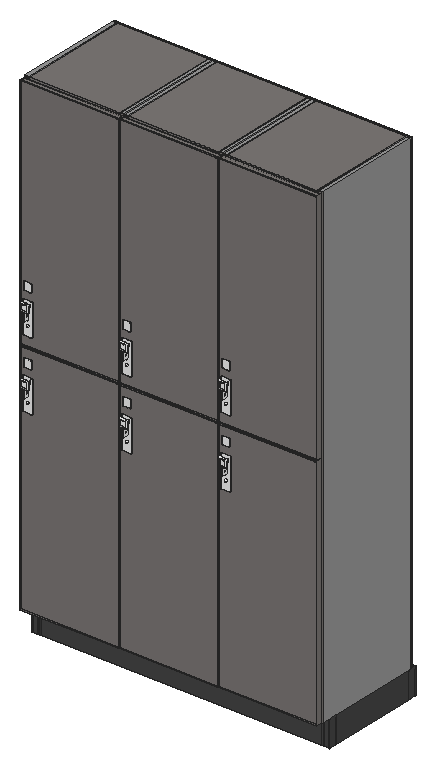
Revit family "Wood_Lockers_Hasps-Salsbury_Industries-15_42000_Series-3_Wide_Units.rfa", category Specialty Equipment, Revit 2016 (continued)
Definition of nested family "Wood Locker Flat Corner Fillers"
  Dimensions and locks (in)
    "Width": plane 5 "Left Side" to plane 4 "Right Side"
    "Depth": plane 6 "Front Side" to plane 7 "Back Side"
    "Height": plane 9 "Top Side" to plane 8 "Bottom"
    locked: plane 9 "Top Side" to plane 10 "Wood - Laminate Line" at 0.031
    locked: plane 6 "Front Side" to plane 12 at 3
    locked: plane 5 "Left Side" to plane 11 at 3
    plane 12 to plane 7 "Back Side" = 13.875"
    aligned and locked: level to plane 2
  Automatic sketch dimensions
    Extrusion 2 sketch curve to plane 5 "Left Side" = 0.000"
    plane 6 "Front Side" to Extrusion 2 sketch curve = 0.000"
    Extrusion 2 sketch curve to plane 11 = 0.000"
    Extrusion 2 sketch curve to plane 4 "Right Side" = 0.000"
    Extrusion 2 sketch curve to plane 12 = 0.000"
    plane 7 "Back Side" to Extrusion 2 sketch curve = 0.000"
    Extrusion 1 sketch curve to plane 5 "Left Side" = 0.000"
    plane 7 "Back Side" to Extrusion 1 sketch curve = 0.000"
    Extrusion 1 sketch curve to plane 12 = 0.000"
    Extrusion 1 sketch curve to plane 4 "Right Side" = 0.000"
    plane 6 "Front Side" to Extrusion 1 sketch curve = 0.000"
    Extrusion 1 sketch curve to plane 11 = 0.000"
Definition of nested family "Wood Locker Side Panels-No Slope"
  Parameters (values of type "44237 - 6' H for 24"D Lockers")
    Width = 23.625"
    Visible = yes
    Version = "1.0 (12/15/23)"
    Type Comments = "Side Panel for Premier Wood Lockers without Sloping Hood"
    Model = "44237"
    Manufacturer = "Salsbury Industries"
    Laminate Surface = none
    Height = 72.000"
    Door Trim = none
    Description = "6' H for 21\" D Lockers"
    Depth = 0.750"
  Types (6): name | Width | Visible | Version | Type Comments | Model | Manufacturer | Description
    (no name) | 23.625" | yes | "1.0 (12/15/23)" | "Side Panel for Premier Wood Lockers without Sloping Hood" | "44237" | "Salsbury Industries" | "6' H for 21\" D Lockers"
    44330 - 6' H for 15"D Lockers | 14.625" | yes | "1.0 (12/15/23)" | "Side Panel for Premier Wood Lockers without Sloping Hood" | "44330" | "Salsbury Industries" | "6' H for 15\" D Lockers"
    44333 - 6' H for 18" D Lockers | 17.625" | yes | "1.0 (12/15/23)" | "Side Panel for Premier Wood Lockers withouth Sloping Hood" | "44333" | "Salsbury Industries" | "6' H for 18\" D Lockers"
    44335 - 6' H for 21" D Lockers | 20.625" | yes | "1.0 (12/15/23)" | "Side Panel for Premier Wood Lockers without Sloping Hood" | "44335" | "Salsbury Industries" | "6' H for 21\" D Lockers"
    None | 14.000" | no | "" | "" | "" | "" | ""
    44237 - 6' H for 24"D Lockers | 23.625" | yes | "1.0 (12/15/23)" | "Side Panel for Premier Wood Lockers without Sloping Hood" | "44237" | "Salsbury Industries" | "6' H for 21\" D Lockers"
  Reference planes (in)
    plane 1 "Center (Front/Back)": y = 0
    plane 2: z = 0
    plane 3 "Center (Left/Right)": x = 0
    plane 4 "Back": y = 0.375
    plane 5 "Front": y = -0.375
    plane 6 "Left Side": x = -11.8125
    plane 7 "Right Side": x = 11.8125
    plane 8 "Bottom": z = 0
    plane 9 "Top": z = 72
    plane 10 "Center Elevation": z = 36
    plane 11 "Wood - Laminate Edge": y = -0.344
    plane 12 "Right Side of Wood": x = 11.7815
    plane 13 "Left Side of Wood": x = -11.7815
    plane 14 "Top of Wood": z = 71.969
    plane 15 "Bottom of Wood": z = 0.031
  Forms (in)
    Extrusion 1, solid, visible <- "Visible"
      sketch origin (0, 0.375, 0) x (1, 0, 0) y (0, 0, 1)
        loop
          line (11.7815, 71.969) -> (-11.7815, 71.969) -> (-11.7815, 0.031) -> (11.7815, 0.031) -> (11.7815, 71.969)
      from 0 to 0.719
    Extrusion 2, solid, material <- "Laminate Surface", visible <- "Visible"
      sketch origin (0, -0.375, 0) x (1, 0, 0) y (0, 0, 1)
        loop
          line (-11.8125, 72) -> (-11.8125, 0) -> (11.8125, 0) -> (11.8125, 72) -> (-11.8125, 72)
      from -0.031 to 0
    Extrusion 3, solid, material <- "Laminate Surface", visible <- "Visible"
      sketch origin (0, 0, 0) x (1, 0, 0) y (0, 0, 1)
        loop
          line (-11.8125, 0) -> (11.8125, 0) -> (11.8125, 72) -> (-11.8125, 72) -> (-11.8125, 0)
        loop
          line (-11.7815, 0.031) -> (11.7815, 0.031) -> (11.7815, 71.969) -> (-11.7815, 71.969) -> (-11.7815, 0.031)
      from -0.375 to 0.344
  Dimensions and locks (in)
    equal spacing: plane 6 "Left Side", plane 3 "Center (Left/Right)", plane 7 "Right Side"
    plane 5 "Front" to plane 1 "Center (Front/Back)" to plane 4 "Back" = 0.375", 0.375"
    "Width": plane 6 "Left Side" to plane 7 "Right Side"
    "Depth": plane 5 "Front" to plane 4 "Back"
    equal spacing: plane 9 "Top", plane 10 "Center Elevation", plane 8 "Bottom"
    "Height": plane 9 "Top" to plane 8 "Bottom"
    locked: plane 5 "Front" to plane 11 "Wood - Laminate Edge" at 0.031
    locked: plane 15 "Bottom of Wood" to plane 8 "Bottom" at 0.031
    locked: plane 12 "Right Side of Wood" to plane 7 "Right Side" at 0.031
    locked: plane 6 "Left Side" to plane 13 "Left Side of Wood" at 0.031
    locked: plane 9 "Top" to plane 14 "Top of Wood" at 0.031
    aligned and locked: level to plane 2
    aligned and locked: Extrusion 2 sketch curve to plane 7 "Right Side"
    aligned and locked: plane 8 "Bottom" to Extrusion 2 sketch curve
    aligned and locked: plane 6 "Left Side" to Extrusion 2 sketch curve
    aligned and locked: plane 9 "Top" to Extrusion 2 sketch curve
    aligned and locked: Extrusion 3 to plane 4 "Back"
    aligned and locked: plane 11 "Wood - Laminate Edge" to Extrusion 3
  Automatic sketch dimensions
    plane 13 "Left Side of Wood" to Extrusion 1 sketch curve = 0.000"
    plane 12 "Right Side of Wood" to Extrusion 1 sketch curve = 0.000"
    Extrusion 1 sketch curve to plane 15 "Bottom of Wood" = 0.000"
    Extrusion 1 sketch curve to plane 14 "Top of Wood" = 0.000"
    plane 13 "Left Side of Wood" to Extrusion 3 sketch curve = 0.000"
    Extrusion 3 sketch curve to level = 0.000"
    plane 13 "Left Side of Wood" to Extrusion 3 sketch curve = 0.031"
    plane 12 "Right Side of Wood" to Extrusion 3 sketch curve = 0.000"
    plane 7 "Right Side" to Extrusion 3 sketch curve = 0.000"
    Extrusion 3 sketch curve to plane 15 "Bottom of Wood" = 0.000"
    Extrusion 3 sketch curve to plane 14 "Top of Wood" = 0.000"
    Extrusion 3 sketch curve to plane 9 "Top" = 0.000"
Definition of nested family "Wood Locker Side Panels-With Slope"
  Parameters (values of type "44238 - 6' H for 24" D Lockers")
    Width = 23.625"
    Visible = yes
    Version = "1.0 (12/15/23)"
    Type Comments = "Side Panel for Premier Wood Lockers with Sloping Hood"
    Slope Height = 8.608"
    Model = "44238"
    Manufacturer = "Salsbury Industries"
    Laminate Surface = none
    Height = 72.153"
    Door Trim = none
    Description = "6' H for 24\" D Lockers"
    Depth = 0.750"
  Types (6): name | Width | Visible | Version | Type Comments | Slope Height | Model | Manufacturer | Height | Description
    (no name) | 23.625" | yes | "1.0 (12/15/23)" | "Side Panel for Premier Wood Lockers with Sloping Hood" | 8.608" | "44238" | "Salsbury Industries" | 72.153" | "6' H for 24\" D Lockers"
    44334 - 6' H  for 18" D Lockers | 17.625" | yes | "1.0 (12/15/23)" | "Side Panel for Premier Wood Lockers with Sloping Hood" | 6.806" | "44334" | "Salsbury Industries" | 72.062" | "6' H for 18\" D Lockers"
    44336 - 6' H for 21" D Lockers | 20.625" | yes | "1.0 (12/15/23)" | "Side Panel for Premier Wood Lockers with Sloping Hood" | 7.931" | "44336" | "Salsbury Industries" | 72.062" | "6' H for 21\" D Lockers"
    None | 14.625" | no | "" | "" | 5.681" | "" | "" | 72.062" | ""
    44339 - 6' H for 15" D Lockers | 14.625" | yes | "1.0 (12/15/23)" | "Side Panel for Premier Wood Lockers with Sloping Hood" | 5.681" | "44339" | "Salsbury Industries" | 72.062" | "6' H for 15\" D Lockers"
    44238 - 6' H for 24" D Lockers | 23.625" | yes | "1.0 (12/15/23)" | "Side Panel for Premier Wood Lockers with Sloping Hood" | 8.608" | "44238" | "Salsbury Industries" | 72.153" | "6' H for 24\" D Lockers"
  Reference planes (in)
    plane 1 "Center (Front/Back)": y = 0
    plane 2: z = 0
    plane 3 "Center (Left/Right)": x = 0
    plane 4 "Back": y = 0.375
    plane 5 "Front": y = -0.375
    plane 6 "Left Side": x = -11.8125
    plane 7 "Right Side": x = 11.8125
    plane 8 "Bottom": z = 0
    plane 9 "Top": z = 72.153
    plane 10 "Center Elevation": z = 36.0765
    plane 11 "Wood - Laminate Edge": y = -0.344
    plane 12 "Right Side of Wood": x = 11.7815
    plane 13 "Left Side of Wood": x = -11.7815
    plane 14 "Top of Wood": z = 72.028
    plane 15 "Bottom of Wood": z = 0.031
    plane 16: z = 80.761
    plane 17: z = 80.636
  Forms (in)
    Extrusion 1, solid, visible <- "Visible"
      sketch origin (0, 0.375, 0) x (1, 0, 0) y (0, 0, 1)
        loop
          line (-11.8125, 80.73) -> (-11.8125, 0) -> (11.7815, 0) -> (11.7815, 72.13387) -> (-11.8125, 80.73)
      from 0 to 0.719
    Extrusion 2, solid, material <- "Laminate Surface", visible <- "Visible"
      sketch origin (0, -0.375, 0) x (1, 0, 0) y (0, 0, 1)
        loop
          line (-11.8125, 0) -> (11.8125, 0) -> (11.8125, 72.153) -> (-11.8125, 80.761) -> (-11.8125, 0)
      from -0.031 to 0
    Extrusion 3, solid, material <- "Laminate Surface", visible <- "Visible"
      sketch origin (0, -0.375, 0) x (1, 0, 0) y (0, 0, 1)
        loop
          line (11.8125, 0) -> (11.8125, 72.153) -> (-11.8125, 80.761) -> (-11.8125, 80.73) -> (11.7815, 72.13387) -> (11.7815, 0) -> (11.8125, 0)
      from -0.031 to -0.75
  Dimensions and locks (in)
    equal spacing: plane 6 "Left Side", plane 3 "Center (Left/Right)", plane 7 "Right Side"
    plane 5 "Front" to plane 1 "Center (Front/Back)" to plane 4 "Back" = 0.375", 0.375"
    "Width": plane 6 "Left Side" to plane 7 "Right Side"
    "Depth": plane 5 "Front" to plane 4 "Back"
    equal spacing: plane 9 "Top", plane 10 "Center Elevation", plane 8 "Bottom"
    "Height": plane 9 "Top" to plane 8 "Bottom"
    locked: plane 5 "Front" to plane 11 "Wood - Laminate Edge" at 0.031
    locked: plane 15 "Bottom of Wood" to plane 8 "Bottom" at 0.031
    locked: plane 12 "Right Side of Wood" to plane 7 "Right Side" at 0.031
    locked: plane 6 "Left Side" to plane 13 "Left Side of Wood" at 0.031
    locked: plane 9 "Top" to plane 14 "Top of Wood" at 0.125
    "Slope Height": plane 16 to plane 9 "Top"
    locked: plane 16 to plane 17 at 0.125
    aligned and locked: level to plane 2
    aligned and locked: Extrusion 3 to plane 4 "Back"
    aligned and locked: plane 11 "Wood - Laminate Edge" to Extrusion 3
  Automatic sketch dimensions
    plane 6 "Left Side" to Extrusion 2 sketch curve = 0.000"
    plane 7 "Right Side" to Extrusion 2 sketch curve = 0.000"
    Extrusion 2 sketch curve to level = 0.000"
    Extrusion 2 sketch curve to plane 9 "Top" = 0.000"
    Extrusion 2 sketch curve to plane 16 = 0.000"
    Extrusion 1 sketch curve to level = 0.000"
    plane 6 "Left Side" to Extrusion 1 sketch curve = 0.000"
    plane 12 "Right Side of Wood" to Extrusion 1 sketch curve = 0.000"
    plane 9 "Top" to Extrusion 1 sketch curve = 0.01913"
    plane 6 "Left Side" to Extrusion 3 sketch curve = 0.000"
    plane 12 "Right Side of Wood" to Extrusion 3 sketch curve = 0.000"
    plane 7 "Right Side" to Extrusion 3 sketch curve = 0.000"
    Extrusion 3 sketch curve to level = 0.000"
    Extrusion 3 sketch curve to plane 9 "Top" = 0.000"
    Extrusion 3 sketch curve to plane 16 = 0.000"
    plane 9 "Top" to Extrusion 3 sketch curve = 0.01913"
    plane 16 to Extrusion 3 sketch curve = 0.031"
    plane 16 to Extrusion 1 sketch curve = 0.031"
Definition of nested family "Wood Locker Double Side Panels-No Slope"
  Parameters (values of type "44237DE - 6' H for 24"D Lockers")
    Width = 47.250"
    Visible = yes
    Version = "1.0 (12/15/23)"
    Type Comments = "Double End Panel for Premier Wood Lockers"
    Model = "44237DE"
    Manufacturer = "Salsbury Industries"
    Laminate Surface = none
    Height = 72.000"
    Door Trim = none
    Description = "For 6' H x 21\" D without Sloping Hood"
    Depth = 0.750"
  Types (6): name | Width | Visible | Version | Type Comments | Model | Manufacturer | Description
    (no name) | 47.250" | yes | "1.0 (12/15/23)" | "Double End Panel for Premier Wood Lockers" | "44237DE" | "Salsbury Industries" | "For 6' H x 21\" D without Sloping Hood"
    44330DE - 6' H for 15"D Lockers | 29.250" | yes | "1.0 (12/15/23)" | "Double End Panel for Premier Wood Lockers" | "44330DE" | "Salsbury Industries" | "For 6' H x 15\" D without Sloping Hood"
    44333DE - 6' H for 18" D Lockers | 35.250" | yes | "1.0 (12/15/23)" | "Double End Panel for Premier Wood Lockers" | "44333DE" | "Salsbury Industries" | "For 6' H x 18\" D without Sloping Hood"
    44335DE - 6' H for 21" D Lockers | 41.250" | yes | "1.0 (12/15/23)" | "Double End Panel for Premier Wood Lockers" | "44335DE" | "Salsbury Industries" | "For 6' H x 21\" D without Sloping Hood"
    None | 14.000" | no | "" | "" | "" | "" | ""
    44237DE - 6' H for 24"D Lockers | 47.250" | yes | "1.0 (12/15/23)" | "Double End Panel for Premier Wood Lockers" | "44237DE" | "Salsbury Industries" | "For 6' H x 21\" D without Sloping Hood"
  Reference planes (in)
    plane 1 "Center (Front/Back)": y = 0
    plane 2: z = 0
    plane 3 "Center (Left/Right)": x = 0
    plane 4 "Back": y = 0.375
    plane 5 "Front": y = -0.375
    plane 6 "Left Side": x = -23.625
    plane 7 "Right Side": x = 23.625
    plane 8 "Bottom": z = 0
    plane 9 "Top": z = 72
    plane 10 "Center Elevation": z = 36
    plane 11 "Wood - Laminate Edge": y = -0.344
    plane 12 "Right Side of Wood": x = 23.594
    plane 13 "Left Side of Wood": x = -23.594
    plane 14 "Top of Wood": z = 71.969
    plane 15 "Bottom of Wood": z = 0.031
  Forms (in)
    Extrusion 1, solid, visible <- "Visible"
      sketch origin (0, 0.375, 0) x (1, 0, 0) y (0, 0, 1)
        loop
          line (23.594, 71.969) -> (-23.594, 71.969) -> (-23.594, 0.031) -> (23.594, 0.031) -> (23.594, 71.969)
      from 0 to 0.719
    Extrusion 2, solid, material <- "Laminate Surface", visible <- "Visible"
      sketch origin (0, -0.375, 0) x (1, 0, 0) y (0, 0, 1)
        loop
          line (-23.625, 72) -> (-23.625, 0) -> (23.625, 0) -> (23.625, 72) -> (-23.625, 72)
      from -0.031 to 0
    Extrusion 3, solid, material <- "Laminate Surface", visible <- "Visible"
      sketch origin (0, 0, 0) x (1, 0, 0) y (0, 0, 1)
        loop
          line (-23.625, 0) -> (23.625, 0) -> (23.625, 72) -> (-23.625, 72) -> (-23.625, 0)
        loop
          line (23.594, 71.969) -> (-23.594, 71.969) -> (-23.594, 0.031) -> (23.594, 0.031) -> (23.594, 71.969)
      from -0.375 to 0.344
  Dimensions and locks (in)
    equal spacing: plane 6 "Left Side", plane 3 "Center (Left/Right)", plane 7 "Right Side"
    plane 5 "Front" to plane 1 "Center (Front/Back)" to plane 4 "Back" = 0.375", 0.375"
    "Width": plane 6 "Left Side" to plane 7 "Right Side"
    "Depth": plane 5 "Front" to plane 4 "Back"
    equal spacing: plane 9 "Top", plane 10 "Center Elevation", plane 8 "Bottom"
    "Height": plane 9 "Top" to plane 8 "Bottom"
    locked: plane 5 "Front" to plane 11 "Wood - Laminate Edge" at 0.031
    locked: plane 15 "Bottom of Wood" to plane 8 "Bottom" at 0.031
    plane 12 "Right Side of Wood" to plane 7 "Right Side" = 0.031"
    locked: plane 6 "Left Side" to plane 13 "Left Side of Wood" at 0.031
    locked: plane 9 "Top" to plane 14 "Top of Wood" at 0.031
    aligned and locked: level to plane 2
    aligned and locked: Extrusion 2 sketch curve to plane 8 "Bottom"
    aligned and locked: plane 6 "Left Side" to Extrusion 2 sketch curve
    aligned and locked: Extrusion 2 sketch curve to plane 7 "Right Side"
    aligned and locked: Extrusion 2 sketch curve to plane 9 "Top"
    aligned and locked: Extrusion 3 to plane 4 "Back"
    aligned and locked: plane 11 "Wood - Laminate Edge" to Extrusion 3
  Automatic sketch dimensions
    plane 13 "Left Side of Wood" to Extrusion 1 sketch curve = 0.000"
    plane 12 "Right Side of Wood" to Extrusion 1 sketch curve = 0.000"
    Extrusion 1 sketch curve to plane 15 "Bottom of Wood" = 0.000"
    Extrusion 1 sketch curve to plane 14 "Top of Wood" = 0.000"
    Extrusion 3 sketch curve to level = 0.000"
    plane 6 "Left Side" to Extrusion 3 sketch curve = 0.000"
    plane 7 "Right Side" to Extrusion 3 sketch curve = 0.000"
    Extrusion 3 sketch curve to plane 9 "Top" = 0.000"
    plane 13 "Left Side of Wood" to Extrusion 3 sketch curve = 0.000"
    Extrusion 3 sketch curve to plane 15 "Bottom of Wood" = 0.000"
    Extrusion 3 sketch curve to plane 14 "Top of Wood" = 0.000"
    plane 12 "Right Side of Wood" to Extrusion 3 sketch curve = 0.000"
Definition of nested family "Wood Locker Double Side Panels-With Slope"
  Parameters (values of type "44238DE - 6' H for 24"D Lockers")
    Width = 47.250"
    Visible = yes
    Version = "1.0 (12/15/23)"
    Type Comments = "Double End Panel for Premier Wood Lockers"
    Slope Height = 8.895"
    Model = "442386DE"
    Manufacturer = "Salsbury Industries"
    Laminate Surface = none
    Height = 72.153"
    Door Trim = none
    Description = "For 6' H x 21\" D Lockers with Sloping Hood"
    Depth = 0.750"
  Types (6): name | Width | Visible | Version | Type Comments | Slope Height | Model | Manufacturer | Height | Description
    (no name) | 47.250" | yes | "1.0 (12/15/23)" | "Double End Panel for Premier Wood Lockers" | 8.895" | "442386DE" | "Salsbury Industries" | 72.153" | "For 6' H x 21\" D Lockers with Sloping Hood"
    44339DE - 6' H for 15"D Lockers | 29.250" | yes | "1.0 (12/15/23)" | "Double End Panel for Premier Wood Lockers" | 5.681" | "44339DE" | "Salsbury Industries" | 72.062" | "For 6' H x 15\" D Lockers with Sloping Hood"
    44334DE - 6' H  for 18" D Lockers | 35.250" | yes | "1.0 (12/15/23)" | "Double End Panel for Premier Wood Lockers" | 6.806" | "44334DE" | "Salsbury Industries" | 72.062" | "For 6' H x 18\" D Lockers with Sloping Hood"
    44336DE - 6' H for 21" D Lockers | 41.250" | yes | "1.0 (12/15/23)" | "Double End Panel for Premier Wood Lockers" | 7.931" | "44336DE" | "Salsbury Industries" | 72.062" | "For 6' H x 21\" D Lockers with Sloping Hood"
    None | 14.000" | no | "" | "" | 5.500" | "" | "" | 72.000" | ""
    44238DE - 6' H for 24"D Lockers | 47.250" | yes | "1.0 (12/15/23)" | "Double End Panel for Premier Wood Lockers" | 8.895" | "442386DE" | "Salsbury Industries" | 72.153" | "For 6' H x 21\" D Lockers with Sloping Hood"
  Reference planes (in)
    plane 1 "Center (Front/Back)": y = 0
    plane 2: z = 0
    plane 3 "Center (Left/Right)": x = 0
    plane 4 "Back": y = 0.375
    plane 5 "Front": y = -0.375
    plane 6 "Left Side": x = -23.625
    plane 7 "Right Side": x = 23.625
    plane 8 "Bottom": z = 0
    plane 9 "Top": z = 72.153
    plane 10 "Center Elevation": z = 36.0765
    plane 11 "Wood - Laminate Edge": y = -0.344
    plane 12 "Right Side of Wood": x = 23.594
    plane 13 "Left Side of Wood": x = -23.594
    plane 14 "Top of Wood": z = 72.028
    plane 15 "Bottom of Wood": z = 0.125
    plane 16: z = 81.048
    plane 17: z = 81.017
  Forms (in)
    Extrusion 1, solid, visible <- "Visible"
      sketch origin (0, 0.375, 0) x (1, 0, 0) y (0, 0, 1)
        loop
          line (23.594, 72.122) -> (0, 81.017) -> (-23.594, 72.122) -> (-23.594, 0) -> (23.594, 0) -> (23.594, 72.122)
      from 0 to 0.719
    Extrusion 2, solid, material <- "Laminate Surface", visible <- "Visible"
      sketch origin (0, -0.375, 0) x (1, 0, 0) y (0, 0, 1)
        loop
          line (23.625, 0) -> (23.625, 72.153) -> (0, 81.048) -> (-23.625, 72.153) -> (-23.625, 0) -> (23.625, 0)
      from -0.031 to 0
    Extrusion 3, solid, material <- "Laminate Surface", visible <- "Visible"
      sketch origin (0, 0.375, 0) x (1, 0, 0) y (0, 0, 1)
        loop
          line (23.625, 0) -> (23.625, 72.153) -> (0, 81.048) -> (-23.625, 72.153) -> (-23.625, 0) -> (-23.594, 0) -> (-23.594, 72.122) -> (0, 81.017) -> (23.594, 72.122) -> (23.594, 0) -> (23.625, 0)
      from 0 to 0.719
  Dimensions and locks (in)
    equal spacing: plane 6 "Left Side", plane 3 "Center (Left/Right)", plane 7 "Right Side"
    plane 5 "Front" to plane 1 "Center (Front/Back)" to plane 4 "Back" = 0.375", 0.375"
    "Width": plane 6 "Left Side" to plane 7 "Right Side"
    "Depth": plane 5 "Front" to plane 4 "Back"
    equal spacing: plane 9 "Top", plane 10 "Center Elevation", plane 8 "Bottom"
    "Height": plane 9 "Top" to plane 8 "Bottom"
    locked: plane 5 "Front" to plane 11 "Wood - Laminate Edge" at 0.031
    locked: plane 15 "Bottom of Wood" to plane 8 "Bottom" at 0.125
    locked: plane 12 "Right Side of Wood" to plane 7 "Right Side" at 0.031
    locked: plane 6 "Left Side" to plane 13 "Left Side of Wood" at 0.031
    locked: plane 9 "Top" to plane 14 "Top of Wood" at 0.125
    "Slope Height": plane 16 to plane 9 "Top"
    locked: plane 16 to plane 17 at 0.031
    aligned and locked: level to plane 2
    aligned and locked: Extrusion 3 to plane 4 "Back"
    aligned and locked: plane 11 "Wood - Laminate Edge" to Extrusion 3
  Automatic sketch dimensions
    plane 6 "Left Side" to Extrusion 2 sketch curve = 0.000"
    Extrusion 2 sketch curve to plane 3 "Center (Left/Right)" = 0.000"
    plane 7 "Right Side" to Extrusion 2 sketch curve = 0.000"
    Extrusion 2 sketch curve to level = 0.000"
    Extrusion 2 sketch curve to plane 9 "Top" = 0.000"  (x2)
    Extrusion 2 sketch curve to plane 16 = 0.000"
    Extrusion 1 sketch curve to level = 0.000"
    plane 13 "Left Side of Wood" to Extrusion 1 sketch curve = 0.000"
    Extrusion 1 sketch curve to plane 3 "Center (Left/Right)" = 0.000"
    plane 12 "Right Side of Wood" to Extrusion 1 sketch curve = 0.000"
    Extrusion 1 sketch curve to plane 17 = 0.000"
    plane 9 "Top" to Extrusion 1 sketch curve = 0.031"  (x2)
    Extrusion 3 sketch curve to level = 0.000"  (x2)
    plane 6 "Left Side" to Extrusion 3 sketch curve = 0.000"
    plane 13 "Left Side of Wood" to Extrusion 3 sketch curve = 0.000"
    Extrusion 3 sketch curve to plane 3 "Center (Left/Right)" = 0.000"  (x2)
    plane 12 "Right Side of Wood" to Extrusion 3 sketch curve = 0.000"
    plane 7 "Right Side" to Extrusion 3 sketch curve = 0.000"
    Extrusion 3 sketch curve to plane 9 "Top" = 0.000"  (x2)
    plane 9 "Top" to Extrusion 3 sketch curve = 0.031"  (x2)
    Extrusion 3 sketch curve to plane 17 = 0.000"
    Extrusion 3 sketch curve to plane 16 = 0.000"
Definition of nested family "Wood Locker Front Fillers"
  Parameters (values of type "44467 - 15" W for 6'H Lockers without Base")
    Width = 15.000"
    Visible Base = no
    Visible = yes
    Version = "1.0 (12/15/23)"
    Type Comments = "Front Vertical Filler for Premier Wood Lockers"
    Model = "44467"
    Manufacturer = "Salsbury Industries"
    Laminate Surface = none
    Height = 72.000"
    Description = "For 6' H Lockers"
    Depth = 0.750"
    Base Material = none
    Base Height = 0.000"
  Types (3): name | Width | Visible | Version | Type Comments | Model | Manufacturer | Description | Base Height
    None | 15.000" | no | "" | "" | "" | "" | "" | 4.000"
    44467 - 15" W for 6'H Lockers without Base | 15.000" | yes | "1.0 (12/15/23)" | "Front Vertical Filler for Premier Wood Lockers" | "44467" | "Salsbury Industries" | "For 6' H Lockers" | 0.000"
    44469 - 9" W for 6' H Lockers without Base | 9.000" | yes | "1.0 (12/15/23)" | "Front Vertical Filler for Premier Wood Lockers" | "44469" | "Salsbury Industries" | "For 6' H Lockers" | 0.000"
  Reference planes (in)
    plane 1 "Center (Front/Back)": y = 0
    plane 2: z = 0
    plane 3 "Center (Left/Right)": x = 0
    plane 4 "Back": y = 0.375
    plane 5 "Front": y = -0.375
    plane 6 "Left Side": x = -7.5
    plane 7 "Right Side": x = 7.5
    plane 8 "Bottom": z = 0
    plane 9 "Top": z = 72
    plane 10 "Center Elevation": z = 36
    plane 11 "Wood - Laminate Edge": y = -0.344
    plane 12 "Right Side of Wood": x = 7.375
    plane 13 "Left Side of Wood": x = -7.375
    plane 14 "Top of Wood": z = 71.875
    plane 15 "Bottom of Wood": z = 0.125
    plane 16 "Front of Base Filler": y = 1
  Forms (in)
    Extrusion 1, solid, visible <- "Visible"
      sketch origin (0, 0.375, 0) x (1, 0, 0) y (0, 0, 1)
        loop
          line (7.5, 72) -> (-7.5, 72) -> (-7.5, 0) -> (7.5, 0) -> (7.5, 72)
      from 0 to 0.719
    Extrusion 2, solid, material <- "Laminate Surface", visible <- "Visible"
      sketch origin (0, -0.375, 0) x (1, 0, 0) y (0, 0, 1)
        loop
          line (-7.5, 72) -> (-7.5, 0) -> (7.5, 0) -> (7.5, 72) -> (-7.5, 72)
      from -0.031 to 0
    Extrusion 3, solid, material <- "Base Material", visible <- "Visible Base"
      sketch origin (0, 0, 0) x (1, 0, 0) y (0, 1, 0)
        loop
          line (-7.5, 1.75) -> (-7.5, 0.375) -> (7.5, 0.375) -> (7.5, 1.75) -> (-7.5, 1.75)
      from 0 to 0.75
    Extrusion 4, solid, material <- "Base Material", visible <- "Visible Base"
      sketch origin (0, 0, 0) x (1, 0, 0) y (0, 1, 0)
        loop
          line (-7.5, 1.75) -> (-7.5, 1) -> (7.5, 1) -> (7.5, 1.75) -> (-7.5, 1.75)
      from 0 to -4
  Dimensions and locks (in)
    equal spacing: plane 6 "Left Side", plane 3 "Center (Left/Right)", plane 7 "Right Side"
    plane 5 "Front" to plane 1 "Center (Front/Back)" to plane 4 "Back" = 0.375", 0.375"
    "Width": plane 6 "Left Side" to plane 7 "Right Side"
    "Depth": plane 5 "Front" to plane 4 "Back"
    equal spacing: plane 9 "Top", plane 10 "Center Elevation", plane 8 "Bottom"
    locked: plane 5 "Front" to plane 11 "Wood - Laminate Edge" at 0.031
    locked: plane 15 "Bottom of Wood" to plane 8 "Bottom" at 0.125
    locked: plane 12 "Right Side of Wood" to plane 7 "Right Side" at 0.125
    locked: plane 6 "Left Side" to plane 13 "Left Side of Wood" at 0.125
    locked: plane 9 "Top" to plane 14 "Top of Wood" at 0.125
    locked: plane 5 "Front" to plane 16 "Front of Base Filler" at 1.375
    "Base Height": plane 8 "Bottom" to plane 2
    "Height": plane 9 "Top" to plane 8 "Bottom"
    aligned and locked: level to plane 2
    aligned and locked: plane 8 "Bottom" to Extrusion 1
  Automatic sketch dimensions
    plane 6 "Left Side" to Extrusion 1 sketch curve = 0.000"
    plane 7 "Right Side" to Extrusion 1 sketch curve = 0.000"
    level to Extrusion 1 sketch curve = 0.000"
    Extrusion 1 sketch curve to plane 9 "Top" = 0.000"
    plane 6 "Left Side" to Extrusion 2 sketch curve = 0.000"
    plane 7 "Right Side" to Extrusion 2 sketch curve = 0.000"
    plane 15 "Bottom of Wood" to Extrusion 2 sketch curve = 0.125"
    Extrusion 2 sketch curve to plane 9 "Top" = 0.000"
    plane 4 "Back" to Extrusion 3 sketch curve = 0.000"
    Extrusion 3 sketch curve to plane 6 "Left Side" = 0.000"
    Extrusion 3 sketch curve to plane 7 "Right Side" = 0.000"
    Extrusion 3 sketch curve to plane 16 "Front of Base Filler" = 0.750"
    Extrusion 4 sketch curve to plane 6 "Left Side" = 0.000"
    Extrusion 4 sketch curve to plane 7 "Right Side" = 0.000"
    plane 16 "Front of Base Filler" to Extrusion 4 sketch curve = 0.000"
    Extrusion 4 sketch curve to plane 16 "Front of Base Filler" = 0.750"
Definition of nested family "Wood Locker Front Corner Filler"
  Parameters (values of type "44464 - for 6' H Lockers with Base")
    Width = 2.250"
    Visible Base = yes
    Visible = yes
    Version = "1.0 (12/15/23)"
    Type Comments = "Front Vertical Corner Filler for Designer Wood Lockers"
    Primary Structure Materials = none
    Model = "44464"
    Manufacturer = "Salsbury Industries"
    Laminate Surface = none
    Height = 72.000"
    Description = "For 6' H Lockers"
    Depth = 0.750"
    Base Primary Materials = none
    Base Height = 4.000"
  Types (3): name | Visible Base | Visible | Version | Type Comments | Model | Manufacturer | Description | Base Height
    None | no | no | "" | "" | "" | "" | "" | 4.000"
    44464 - for 6'H Lockers without Base | no | yes | "1.0 (12/15/23)" | "Front Vertical Corner Filler for Designer Wood Lockers" | "44464" | "Salsbury Industries" | "For 6' H Lockers" | 0.000"
    44464 - for 6' H Lockers with Base | yes | yes | "1.0 (12/15/23)" | "Front Vertical Corner Filler for Designer Wood Lockers" | "44464" | "Salsbury Industries" | "For 6' H Lockers" | 4.000"
  Reference planes (in)
    plane 1 "Center (Front/Back)": y = 0
    plane 2 "Bottom of Base": z = 0
    plane 3 "Center (Left/Right)": x = 0
    plane 4 "Back": y = 0.375
    plane 5 "Front": y = -0.375
    plane 6 "Left Side": x = -1.125
    plane 7 "Right Side": x = 1.125
    plane 8 "Bottom": z = 4
    plane 9 "Top": z = 76
    plane 10 "Center Elevation": z = 40
    plane 11 "Wood - Laminate Edge": y = -0.344
    plane 12 "Right Side of Wood": x = 1
    plane 13 "Left Side of Wood": x = -1
    plane 14 "Top of Wood": z = 75.875
    plane 15 "Bottom of Wood": z = 4.125
    plane 16 "Front of Base Filler": y = 1
  Forms (in)
    Extrusion 1, solid, material <- "Primary Structure Materials", visible <- "Visible"
      sketch origin (0, 0.375, 0) x (1, 0, 0) y (0, 0, 1)
        loop
          line (1.125, 76) -> (-1.156, 76) -> (-1.156, 4) -> (1.125, 4) -> (1.125, 76)
      from 0 to 0.719
    Extrusion 2, solid, material <- "Laminate Surface", visible <- "Visible"
      sketch origin (0, -0.375, 0) x (1, 0, 0) y (0, 0, 1)
        loop
          line (-1.125, 76) -> (-1.125, 4) -> (1.125, 4) -> (1.125, 76) -> (-1.125, 76)
      from -0.031 to 0
    Extrusion 3, solid, material <- "Primary Structure Materials", visible <- "Visible"
      sketch origin (-1.875, -1.5, 0) x (0, 1, 0) y (0, 0, 1)
        loop
          line (1.875, 76) -> (-1.125, 76) -> (-1.125, 4) -> (1.875, 4) -> (1.875, 76)
      from 0 to 0.719
    Extrusion 4, solid, material <- "Laminate Surface", visible <- "Visible"
      sketch origin (-1.125, -1.5, 0) x (0, 1, 0) y (0, 0, 1)
        loop
          line (-1.125, 76) -> (-1.125, 4) -> (1.156, 4) -> (1.156, 76) -> (-1.125, 76)
      from -0.031 to 0
    Extrusion 5, solid, material <- "Base Primary Materials", visible <- "Visible Base"
      sketch origin (0, 0, 0) x (1, 0, 0) y (0, 1, 0)
        loop
          line (-3.25, 1.75) -> (-3.25, -2.625) -> (-1.875, -2.625) -> (-1.875, 1.75) -> (-3.25, 1.75)
      from 4 to 4.75
    Extrusion 6, solid, material <- "Base Primary Materials", visible <- "Visible Base"
      sketch origin (0, 0, 0) x (1, 0, 0) y (0, 1, 0)
        loop
          line (-1.875, 1.75) -> (-1.875, 0.375) -> (1.125, 0.375) -> (1.125, 1.75) -> (-1.875, 1.75)
      from 4 to 4.75
    Extrusion 7, solid, material <- "Base Primary Materials", visible <- "Visible Base"
      sketch origin (0, 0, 0) x (1, 0, 0) y (0, 1, 0)
        loop
          line (1.125, 1.75) -> (-2.43407, 1.75) -> (-2.43407, 1) -> (1.125, 1) -> (1.125, 1.75)
      from 0 to 4
    Extrusion 8, solid, material <- "Base Primary Materials", visible <- "Visible Base"
      sketch origin (0, 0, 0) x (1, 0, 0) y (0, 1, 0)
        loop
          line (-3.25, 1.75) -> (-3.25, -2.625) -> (-2.43407, -2.625) -> (-2.43407, 1.75) -> (-3.25, 1.75)
      from 0 to 4
  Dimensions and locks (in)
    equal spacing: plane 6 "Left Side", plane 3 "Center (Left/Right)", plane 7 "Right Side"
    plane 5 "Front" to plane 1 "Center (Front/Back)" to plane 4 "Back" = 0.375", 0.375"
    "Width": plane 6 "Left Side" to plane 7 "Right Side"
    "Depth": plane 5 "Front" to plane 4 "Back"
    equal spacing: plane 9 "Top", plane 10 "Center Elevation", plane 8 "Bottom"
    "Height": plane 9 "Top" to plane 8 "Bottom"
    locked: plane 5 "Front" to plane 11 "Wood - Laminate Edge" at 0.031
    locked: plane 15 "Bottom of Wood" to plane 8 "Bottom" at 0.125
    locked: plane 12 "Right Side of Wood" to plane 7 "Right Side" at 0.125
    locked: plane 6 "Left Side" to plane 13 "Left Side of Wood" at 0.125
    locked: plane 9 "Top" to plane 14 "Top of Wood" at 0.125
    locked: plane 5 "Front" to plane 16 "Front of Base Filler" at 1.375
    "Base Height": plane 8 "Bottom" to plane 2 "Bottom of Base"
    aligned and locked: level to plane 2 "Bottom of Base"
    aligned and locked: plane 8 "Bottom" to Extrusion 1
    aligned and locked: Extrusion 7 to Extrusion 5
    aligned and locked: Extrusion 8 to Extrusion 5
    aligned and locked: Extrusion 7 to Extrusion 8
  Automatic sketch dimensions
    Extrusion 1 sketch curve to plane 9 "Top" = 0.000"
    Extrusion 1 sketch curve to plane 8 "Bottom" = 0.000"
    plane 7 "Right Side" to Extrusion 1 sketch curve = 0.000"
    plane 6 "Left Side" to Extrusion 1 sketch curve = 0.031"
    plane 6 "Left Side" to Extrusion 2 sketch curve = 0.000"
    plane 7 "Right Side" to Extrusion 2 sketch curve = 0.000"
    Extrusion 2 sketch curve to plane 8 "Bottom" = 0.000"
    Extrusion 2 sketch curve to plane 9 "Top" = 0.000"
    plane 9 "Top" to Extrusion 3 sketch curve = 0.000"
    plane 8 "Bottom" to Extrusion 3 sketch curve = 0.000"
    Extrusion 3 sketch curve to plane 4 "Back" = 0.000"
    plane 5 "Front" to Extrusion 3 sketch curve = 2.250"
    plane 8 "Bottom" to Extrusion 4 sketch curve = 0.000"
    plane 9 "Top" to Extrusion 4 sketch curve = 0.000"
    Extrusion 4 sketch curve to plane 11 "Wood - Laminate Edge" = 0.000"
    plane 5 "Front" to Extrusion 4 sketch curve = 2.250"
    plane 6 "Left Side" to Extrusion 5 sketch curve = 2.125"
    plane 6 "Left Side" to Extrusion 5 sketch curve = 0.750"
    plane 5 "Front" to Extrusion 5 sketch curve = 2.250"
    Extrusion 5 sketch curve to plane 16 "Front of Base Filler" = 0.750"
    plane 16 "Front of Base Filler" to Extrusion 7 sketch curve = 0.000"
    Extrusion 7 sketch curve to plane 7 "Right Side" = 0.000"
    plane 6 "Left Side" to Extrusion 7 sketch curve = 1.30907"
    Extrusion 7 sketch curve to plane 16 "Front of Base Filler" = 0.750"
    plane 6 "Left Side" to Extrusion 8 sketch curve = 2.125"
    Extrusion 8 sketch curve to Extrusion 8 sketch curve = 0.81593"
    plane 5 "Front" to Extrusion 8 sketch curve = 2.250"
    Extrusion 8 sketch curve to plane 16 "Front of Base Filler" = 0.750"
    plane 4 "Back" to Extrusion 6 sketch curve = 0.000"
    Extrusion 6 sketch curve to plane 7 "Right Side" = 0.000"
    plane 6 "Left Side" to Extrusion 6 sketch curve = 0.750"
    Extrusion 6 sketch curve to plane 16 "Front of Base Filler" = 0.750"
Definition of nested family "Wood Locker Sloping In-Line Fillers"
  Parameters (values of type "44489 - 15" W for 24" D Lockers")
    Width = 15.000"
    Visible = yes
    Version = "1.0 (12/15/23)"
    Type Comments = "Sloping Hood In-Line Filler for Premier Wood Lockers"
    Model = "44489"
    Manufacturer = "Salsbury Industries"
    Laminate Surface = none
    Height = 9.118"
    Description = "For 24\" D Lockers"
    Depth = 23.625"
  Types (10): name | Width | Visible | Version | Type Comments | Model | Manufacturer | Height | Description | Depth
    (no name) | 15.000" | yes | "1.0 (12/15/23)" | "Sloping Hood In-Line Filler for Premier Wood Lockers" | "44489" | "Salsbury Industries" | 9.118" | "For 24\" D Lockers" | 23.625"
    44487 - 15" W for 15" D Lockers | 15.000" | yes | "1.0 (12/15/23)" | "Sloping Hood In-Line Filler for Premier Wood Lockers" | "44487" | "Salsbury Industries" | 5.743" | "For 15\" D Lockers" | 14.625"
    44488 - 15" W for 18" D Lockers | 15.000" | yes | "1.0 (12/15/23)" | "Sloping Hood In-Line Filler for Premier Wood Lockers" | "44488" | "Salsbury Industries" | 6.868" | "For 18\" D Lockers" | 17.625"
    44481 - 15" W for 21" D Lockers | 15.000" | yes | "1.0 (12/15/23)" | "Sloping Hood In-Line Filler for Premier Wood Lockers" | "44481" | "Salsbury Industries" | 7.993" | "For 21\" D Lockers" | 20.625"
    None | 12.000" | no | "" | "" | "" | "" | 5.500" | "" | 14.000"
    44489 - 15" W for 24" D Lockers | 15.000" | yes | "1.0 (12/15/23)" | "Sloping Hood In-Line Filler for Premier Wood Lockers" | "44489" | "Salsbury Industries" | 9.118" | "For 24\" D Lockers" | 23.625"
    44488 - 9" W for 18" D Lockers | 9.000" | yes | "1.0 (12/15/23)" | "Sloping Hood In-Line Filler for Premier Wood Lockers" | "44488" | "Salsbury Industries" | 6.868" | "For 18\" D Lockers" | 17.625"
    44487 - 9" W for 15" D Lockers | 9.000" | yes | "1.0 (12/15/23)" | "Sloping Hood In-Line Filler for Premier Wood Lockers" | "44487" | "Salsbury Industries" | 5.743" | "For 15\" D Lockers" | 14.625"
    44481 - 9" W for 21" D Lockers | 9.000" | yes | "1.0 (12/15/23)" | "Sloping Hood In-Line Filler for Premier Wood Lockers" | "44481" | "Salsbury Industries" | 7.993" | "For 21\" D Lockers" | 20.625"
    44489 - 9" W for 24" D Lockers | 9.000" | yes | "1.0 (12/15/23)" | "Sloping Hood In-Line Filler for Premier Wood Lockers" | "44489" | "Salsbury Industries" | 9.118" | "For 24\" D Lockers" | 23.625"
  Reference planes (in)
    plane 1 "Center (Front/Back)": y = 0
    plane 2: z = 0
    plane 3 "Center (Left/Right)": x = 0
    plane 4 "Front of Hood": y = -11.8125
    plane 5 "Back of Hood": y = 11.8125
    plane 6 "Right Side of Hood": x = 7.5
    plane 7 "Left Side of Hood": x = -7.5
    plane 8 "Bottom of Hood": z = 0
    plane 9 "Top of Hood": z = 9.118
    plane 10: x = 6.75
    plane 11: x = -6.75
    plane 12: y = -11.7815
    plane 13: y = -11.0625
    plane 14: z = 9.087
    plane 15: z = 8.368
    plane 16: z = 0.062
    plane 17: z = 0.75
  Forms (in)
    Extrusion 1, solid, visible <- "Visible"
      sketch origin (0, 0, 0) x (0, 1, 0) y (0, 0, 1)
        loop
          line (-9.97273, 0) -> (11.8125, 8.368) -> (11.8125, 9.087) -> (-11.73269, 0.062) -> (-11.7815, 0.062) -> (-11.7815, 0) -> (-9.97273, 0)
      from -7.5 to 7.5
    Extrusion 2, solid, material <- "Laminate Surface", visible <- "Visible"
      sketch origin (0, 0, 0) x (0, 1, 0) y (0, 0, 1)
        loop
          line (-11.8125, 0.062) -> (-11.8125, 0) -> (-11.7815, 0) -> (-11.7815, 0.062) -> (-11.8125, 0.062)
      from -7.5 to 7.5
    Extrusion 3, solid, material <- "Laminate Surface", visible <- "Visible"
      sketch origin (0, 0, 0) x (0, 1, 0) y (0, 0, 1)
        loop
          line (11.8125, 9.118) -> (-11.8125, 0.062) -> (-11.73269, 0.062) -> (11.8125, 9.087) -> (11.8125, 9.118)
      from -7.5 to 7.5
  Dimensions and locks (in)
    equal spacing: plane 7 "Left Side of Hood", plane 3 "Center (Left/Right)", plane 6 "Right Side of Hood"
    "Width": plane 7 "Left Side of Hood" to plane 6 "Right Side of Hood"
    equal spacing: plane 4 "Front of Hood", plane 1 "Center (Front/Back)", plane 5 "Back of Hood"
    "Depth": plane 4 "Front of Hood" to plane 5 "Back of Hood"
    "Height": plane 9 "Top of Hood" to plane 8 "Bottom of Hood"
    plane 7 "Left Side of Hood" to plane 11 = 0.750"
    plane 10 to plane 6 "Right Side of Hood" = 0.750"
    plane 4 "Front of Hood" to plane 12 to plane 13 = 0.031" locked, 0.719" locked
    plane 15 to plane 14 to plane 9 "Top of Hood" = 0.719" locked, 0.031" locked
    locked: plane 16 to plane 8 "Bottom of Hood" at 0.062
    locked: plane 17 to plane 8 "Bottom of Hood" at 0.75
    aligned and locked: level to plane 2
    aligned and locked: Extrusion 1 to plane 6 "Right Side of Hood"
    aligned and locked: plane 7 "Left Side of Hood" to Extrusion 1
    aligned and locked: plane 7 "Left Side of Hood" to Extrusion 3
    aligned and locked: Extrusion 3 to plane 6 "Right Side of Hood"
    aligned and locked: Extrusion 2 to plane 6 "Right Side of Hood"
    aligned and locked: plane 7 "Left Side of Hood" to Extrusion 2
  Automatic sketch dimensions
    Extrusion 2 sketch curve to level = 0.000"
    Extrusion 2 sketch curve to plane 4 "Front of Hood" = 0.000"
    Extrusion 2 sketch curve to plane 12 = 0.000"
    plane 16 to Extrusion 2 sketch curve = 0.000"
    Extrusion 3 sketch curve to plane 4 "Front of Hood" = 0.000"
    plane 16 to Extrusion 3 sketch curve = 0.000"
    Extrusion 3 sketch curve to plane 5 "Back of Hood" = 0.000"
    plane 14 to Extrusion 3 sketch curve = 0.000"
    plane 9 "Top of Hood" to Extrusion 3 sketch curve = 0.000"
    Extrusion 3 sketch curve to plane 12 = 0.04881"
    Extrusion 1 sketch curve to level = 0.000"
    Extrusion 1 sketch curve to plane 12 = 0.000"
    plane 16 to Extrusion 1 sketch curve = 0.000"
    Extrusion 1 sketch curve to plane 5 "Back of Hood" = 0.000"
    plane 15 to Extrusion 1 sketch curve = 0.000"
    plane 14 to Extrusion 1 sketch curve = 0.000"
    Extrusion 1 sketch curve to plane 13 = 1.08977"
    Extrusion 1 sketch curve to plane 12 = 0.04881"
Definition of nested family "Wood Locker Flat In-Line Fillers"
  Parameters (values of type "44448 - 15" W for 18" D Lockers")
    Width = 15.000"
    Visible = yes
    Version = "1.0 (12/15/23)"
    Type Comments = "Flat Top In-Line Filler for Premier Wood Lockers"
    Model = "44448"
    Manufacturer = "Salsbury Industries"
    Laminate Surface = none
    Height = 0.750"
    Description = "For 18\" D Lockers"
    Depth = 16.875"
  Types (10): name | Width | Visible | Version | Type Comments | Model | Manufacturer | Description | Depth
    (no name) | 15.000" | yes | "1.0 (12/15/23)" | "Flat Top In-Line Filler for Premier Wood Lockers" | "44448" | "Salsbury Industries" | "For 18\" D Lockers" | 16.875"
    44447 - 15" W for 15" D Lockers | 15.000" | yes | "1.0 (12/15/23)" | "Flat Top In-Line Filler for Premier Wood Lockers" | "44447" | "Salsbury Industries" | "For 15\" D Lockers" | 13.875"
    44448 - 15" W for 18" D Lockers | 15.000" | yes | "1.0 (12/15/23)" | "Flat Top In-Line Filler for Premier Wood Lockers" | "44448" | "Salsbury Industries" | "For 18\" D Lockers" | 16.875"
    44441 - 15" W for 21" D Lockers | 15.000" | yes | "1.0 (12/15/23)" | "Flat Top In-Line Filler for Premier Wood Lockers" | "44441" | "Salsbury Industries" | "For 21\" D Lockers" | 19.875"
    None | 15.000" | no | "" | "" | "" | "" | "" | 13.250"
    44448 - 9" W for 18" D Lockers | 9.000" | yes | "1.0 (12/15/23)" | "Flat Top In-Line Filler for Premier Wood Lockers" | "44448" | "Salsbury Industries" | "For 18\" D Lockers" | 16.875"
    44447 - 9" W for 15" D Lockers | 9.000" | yes | "1.0 (12/15/23)" | "Flat Top In-Line Filler for Premier Wood Lockers" | "44447" | "Salsbury Industries" | "For 15\" D Lockers" | 13.875"
    44441 - 9" W for 21" D Lockers | 9.000" | yes | "1.0 (12/15/23)" | "Flat Top In-Line Filler for Premier Wood Lockers" | "44441" | "Salsbury Industries" | "For 21\" D Lockers" | 19.875"
    44449 - 15" W for 24" D Lockers | 15.000" | yes | "1.0 (12/15/23)" | "Flat Top In-Line Filler for Premier Wood Lockers" | "44449" | "Salsbury Industries" | "For 24\" D Lockers" | 22.875"
    44449 - 9" W for 24" D Lockers | 9.000" | yes | "1.0 (12/15/23)" | "Flat Top In-Line Filler for Premier Wood Lockers" | "44449" | "Salsbury Industries" | "For 24\" D Lockers" | 22.875"
  Reference planes (in)
    plane 1 "Center (Front/Back)": y = 0
    plane 2: z = 0
    plane 3 "Center (Left/Right)": x = 0
    plane 4 "Right Side": x = 7.5
    plane 5 "Left Side": x = -7.5
    plane 6 "Front Side": y = -8.4375
    plane 7 "Back Side": y = 8.4375
    plane 8 "Bottom": z = 0
    plane 9 "Top Side": z = 0.75
    plane 10 "Wood - Laminate Line": z = 0.719
  Forms (in)
    Extrusion 1, solid, visible <- "Visible"
      sketch origin (0, 0, 0) x (0, -1, 0) y (1, 0, 0)
        loop
          line (-8.4375, -7.5) -> (8.4375, -7.5) -> (8.4375, 7.5) -> (-8.4375, 7.5) -> (-8.4375, -7.5)
      from 0 to 0.719
    Extrusion 2, solid, material <- "Laminate Surface", visible <- "Visible"
      sketch origin (0, 0, 0.75) x (1, 0, 0) y (0, 1, 0)
        loop
          line (-7.5, -8.4375) -> (7.5, -8.4375) -> (7.5, 8.4375) -> (-7.5, 8.4375) -> (-7.5, -8.4375)
      from -0.031 to 0
  Dimensions and locks (in)
    equal spacing: plane 6 "Front Side", plane 1 "Center (Front/Back)", plane 7 "Back Side"
    equal spacing: plane 5 "Left Side", plane 3 "Center (Left/Right)", plane 4 "Right Side"
    "Width": plane 5 "Left Side" to plane 4 "Right Side"
    "Depth": plane 6 "Front Side" to plane 7 "Back Side"
    "Height": plane 9 "Top Side" to plane 8 "Bottom"
    locked: plane 9 "Top Side" to plane 10 "Wood - Laminate Line" at 0.031
    aligned and locked: level to plane 2
  Automatic sketch dimensions
    Extrusion 1 sketch curve to plane 4 "Right Side" = 0.000"
    plane 7 "Back Side" to Extrusion 1 sketch curve = 0.000"
    Extrusion 1 sketch curve to plane 5 "Left Side" = 0.000"
    plane 6 "Front Side" to Extrusion 1 sketch curve = 0.000"
    Extrusion 2 sketch curve to plane 5 "Left Side" = 0.000"
    plane 4 "Right Side" to Extrusion 2 sketch curve = 0.000"
    plane 6 "Front Side" to Extrusion 2 sketch curve = 0.000"
    Extrusion 2 sketch curve to plane 7 "Back Side" = 0.000"
Definition of nested family "Wood Locker Fascia Fillers"
  Parameters (values of type "44462 - for 3-Wide Units")
    Width = 36.000"
    Visible = yes
    Type Comments = "Front Fascia Filler for Premier Wood Lockers"
    Model = "44462"
    Manufacturer = "Salsbury Industries"
    Laminate Surface = none
    Height = 4.000"
    Description = "4' W for Standard Designer Lockers"
    Depth = 0.750"
  Types (4): name | Width | Visible | Type Comments | Model | Manufacturer | Description
    (no name) | 36.000" | yes | "Front Fascia Filler for Premier Wood Lockers" | "44462" | "Salsbury Industries" | "4' W for Standard Designer Lockers"
    44462 - for 1-Wide Units | 12.000" | yes | "Front Fascia Filler for Premier Wood Lockers" | "44462" | "Salsbury Industries" | "4' W for Standard Designer Lockers"
    None | 12.000" | no | "" | "" | "" | ""
    44462 - for 3-Wide Units | 36.000" | yes | "Front Fascia Filler for Premier Wood Lockers" | "44462" | "Salsbury Industries" | "4' W for Standard Designer Lockers"
  Reference planes (in)
    plane 1 "Center (Front/Back)": y = 0
    plane 2: z = 0
    plane 3 "Center (Left/Right)": x = 0
    plane 4 "Back": y = 0.375
    plane 5 "Front": y = -0.375
    plane 6 "Left Side": x = -18
    plane 7 "Right Side": x = 18
    plane 8 "Bottom": z = 0
    plane 9 "Top": z = 4
    plane 10 "Center Elevation": z = 2
    plane 11 "Wood - Laminate Edge": y = -0.344
    plane 12 "Right Side of Wood": x = 17.875
    plane 13 "Left Side of Wood": x = -17.875
    plane 14 "Top of Wood": z = 3.875
    plane 15 "Bottom of Wood": z = 0.125
    plane 16 "Base Bottom": z = 0
    plane 17 "Front of Base Filler": y = 1
  Forms (in)
    Extrusion 1, solid, visible <- "Visible"
      sketch origin (0, 0.375, 0) x (1, 0, 0) y (0, 0, 1)
        loop
          line (18, 4) -> (-18, 4) -> (-18, 0) -> (18, 0) -> (18, 4)
      from 0 to 0.719
    Extrusion 2, solid, material <- "Laminate Surface", visible <- "Visible"
      sketch origin (0, -0.375, 0) x (1, 0, 0) y (0, 0, 1)
        loop
          line (-18, 4) -> (-18, 0) -> (18, 0) -> (18, 4) -> (-18, 4)
      from -0.031 to 0
  Dimensions and locks (in)
    equal spacing: plane 6 "Left Side", plane 3 "Center (Left/Right)", plane 7 "Right Side"
    plane 5 "Front" to plane 1 "Center (Front/Back)" to plane 4 "Back" = 0.375", 0.375"
    "Width": plane 6 "Left Side" to plane 7 "Right Side"
    "Depth": plane 5 "Front" to plane 4 "Back"
    equal spacing: plane 9 "Top", plane 10 "Center Elevation", plane 8 "Bottom"
    "Height": plane 9 "Top" to plane 8 "Bottom"
    locked: plane 5 "Front" to plane 11 "Wood - Laminate Edge" at 0.031
    locked: plane 15 "Bottom of Wood" to plane 8 "Bottom" at 0.125
    locked: plane 12 "Right Side of Wood" to plane 7 "Right Side" at 0.125
    locked: plane 6 "Left Side" to plane 13 "Left Side of Wood" at 0.125
    locked: plane 9 "Top" to plane 14 "Top of Wood" at 0.125
    locked: plane 5 "Front" to plane 17 "Front of Base Filler" at 1.375
    aligned and locked: level to plane 2
    aligned and locked: Extrusion 1 to plane 8 "Bottom"
  Automatic sketch dimensions
    plane 6 "Left Side" to Extrusion 1 sketch curve = 0.000"
    plane 7 "Right Side" to Extrusion 1 sketch curve = 0.000"
    level to Extrusion 1 sketch curve = 0.000"
    Extrusion 1 sketch curve to plane 9 "Top" = 0.000"
    plane 6 "Left Side" to Extrusion 2 sketch curve = 0.000"
    plane 7 "Right Side" to Extrusion 2 sketch curve = 0.000"
    plane 15 "Bottom of Wood" to Extrusion 2 sketch curve = 0.125"
    Extrusion 2 sketch curve to plane 9 "Top" = 0.000"
Definition of nested family "Wood Locker Sloping Hoods"
  Parameters (values of type "44257 - for 24" Deep Lockers (3 Wide)")
    Width = 45.000"
    Visible = yes
    Version = "1.0 (12/15/23)"
    Type Comments = "Sloping Hood for Premier Wod Lockers"
    Model = "44257"
    Manufacturer = "Salsbury Industries"
    Laminate Surface = none
    Height = 9.118"
    Description = "For 24\" D - 3 Wide Lockers"
    Depth = 23.625"
  Types (20): name | Width | Visible | Version | Type Comments | Model | Manufacturer | Height | Description | Depth
    (no name) | 45.000" | yes | "1.0 (12/15/23)" | "Sloping Hood for Premier Wod Lockers" | "44257" | "Salsbury Industries" | 9.118" | "For 24\" D - 3 Wide Lockers" | 23.625"
    44357 - for 15" Deep Lockers (1 Wide) | 12.000" | yes | "1.0 (12/15/23)" | "Sloping Hood for Premier Wood Lockers" | "44357" | "Salsbury Industries" | 5.743" | "For 15\" D - 1 Wide Lockers" | 14.625"
    44353 - for 18" Deep Lockers (1 Wide) | 12.000" | yes | "1.0 (12/15/23)" | "Sloping Hood for Premier Wood Lockers" | "44353" | "Salsbury Industries" | 6.868" | "For 18\" D - 1 Wide Lockers" | 17.625"
    44352 - for 21" Deep Lockers (1 Wide) | 12.000" | yes | "1.0 (12/15/23)" | "Sloping Hood for Premier Wood Lockers" | "44352" | "Salsbury Industries" | 7.993" | "For 21\" D - 1 Wide Lockers" | 20.625"
    44359 - for 15" Deep Lockers (3 Wide) | 36.000" | yes | "1.0 (12/15/23)" | "Sloping Hood for Premier Wood Lockers" | "44359" | "Salsbury Industries" | 5.743" | "For 15\" D - 3 Wide Lockers" | 14.625"
    44356 - for 18" Deep Lockers (3 Wide) | 36.000" | yes | "1.0 (12/15/23)" | "Sloping Hood for Premier Wood Lockers" | "44356" | "Salsbury Industries" | 6.868" | "For 18\" D - 3 Wide Lockers" | 17.625"
    44354 - for 21" Deep Lockers (3 Wide) | 36.000" | yes | "1.0 (12/15/23)" | "Sloping Hood for Premier Wood Lockers" | "44354" | "Salsbury Industries" | 7.993" | "For 21\" D - 3 Wide Lockers" | 20.625"
    44255 - for 24" Deep Lockers (1 Wide) | 15.000" | yes | "1.0 (12/15/23)" | "Sloping Hood for Premier Wood Lockers" | "44255" | "Salsbury Industries" | 9.118" | "For 24\" D - 1 Wood Lockers" | 23.625"
    44257 - for 24" Deep Lockers (3 Wide) | 45.000" | yes | "1.0 (12/15/23)" | "Sloping Hood for Premier Wod Lockers" | "44257" | "Salsbury Industries" | 9.118" | "For 24\" D - 3 Wide Lockers" | 23.625"
    44252 - for 21" Deep Lockers (1 Wide) | 15.000" | yes | "1.0 (12/15/23)" | "Sloping Hood for 15\" Wide Premier Wood Lockers" | "44252" | "Salsbury Industries" | 7.993" | "For 21\" D - 1 Wide Lockers" | 20.625"
    44254 - for 21" Deep Lockers (3 Wide) | 45.000" | yes | "1.0 (12/15/23)" | "Sloping Hood for 15\" Wide Premier Wood Lockers" | "44254" | "Salsbury Industries" | 7.993" | "For 21\" D - 3 Wide Lockers" | 20.625"
    44251 - for 18" Deep Lockers (1 Wide) | 15.000" | yes | "1.0 (12/15/23)" | "Sloping Hood for 15\"Wide Premier Wood Lockers" | "44251" | "Salsbury Industries" | 6.868" | "For 18\" D - 1 Wide Lockers" | 17.625"
    44253 - for 18" Deep Lockers (3 Wide) | 45.000" | yes | "1.0 (12/15/23)" | "Sloping Hood for 15\" Wide Premier Wood Lockers" | "44253" | "Salsbury Industries" | 6.868" | "For 18\" D - 3 Wide Lockers" | 17.625"
    None | 12.000" | no | "" | "" | "" | "" | 5.743" | "" | 14.625"
    44818 - for 18" Deep Lockers (1 Wide) | 18.000" | yes | "1.0 (12/15/23)" | "Sloping Hood for Premier Wood Lockers" | "44818" | "Salsbury Industries" | 6.868" | "For 18\" D - 1 Wide Lockers" | 17.625"
    44811 - for 21" Deep Lockers (1 Wide) | 18.000" | yes | "1.0 (12/15/23)" | "Sloping Hood for Premier Wood Lockers" | "44811" | "Salsbury Industries" | 7.993" | "For 21\" D - 1 Wide Lockers" | 20.625"
    44814 - for 24" Deep Lockers (1 Wide) | 18.000" | yes | "1.0 (12/15/23)" | "Sloping Hood for Premier Wood Lockers" | "44814" | "Salsbury Industries" | 9.118" | "For 24\" D - 1 Wide Lockers" | 23.625"
    44838 - for 18" Deep Lockers (3 Wide) | 54.000" | yes | "1.0 (12/15/23)" | "Sloping Hood for Premier Wood Lockers" | "44838" | "Salsbury Industries" | 6.868" | "For 18\" D - 3 Wide Lockers" | 17.625"
    44831 - for 21" Deep Lockers (3 Wide) | 54.000" | yes | "1.0 (12/15/23)" | "Sloping Hood for Premier Wood Lockers" | "44831" | "Salsbury Industries" | 7.993" | "For 21\" D - 3 Wide Lockers" | 20.625"
    44834 - for 24" Deep Lockers (3 Wide) | 54.000" | yes | "1.0 (12/15/23)" | "Sloping Hood for Premier Wood Lockers" | "834" | "Salsbury Industries" | 9.118" | "For 24\" D - 3 Wide Lockers" | 23.625"
  Reference planes (in)
    plane 1 "Center (Front/Back)": y = 0
    plane 2: z = 0
    plane 3 "Center (Left/Right)": x = 0
    plane 4 "Front of Hood": y = -11.8125
    plane 5 "Back of Hood": y = 11.8125
    plane 6 "Right Side of Hood": x = 22.5
    plane 7 "Left Side of Hood": x = -22.5
    plane 8 "Bottom of Hood": z = 0
    plane 9 "Top of Hood": z = 9.118
    plane 10: x = 21.75
    plane 11: x = -21.75
    plane 12: y = -11.7815
    plane 13: y = -11.0625
    plane 14: z = 9.087
    plane 15: z = 8.368
    plane 16: z = 0.062
    plane 17: z = 0.75
  Forms (in)
    Extrusion 1, solid, visible <- "Visible"
      sketch origin (22.5, 0.37227, 0) x (0, -1, 0) y (0, 0, 1)
        loop
          line (-0.26039, 4.07368) -> (-0.26039, 0) -> (0.37227, 0) -> (0.37227, 3.83066) -> (-0.26039, 4.07368)
      from 0 to 45
    Extrusion 2, solid, visible <- "Visible"
      sketch origin (0, 0, 0) x (0, 1, 0) y (0, 0, 1)
        loop
          line (-9.97273, 0) -> (11.8125, 8.368) -> (11.8125, 9.087) -> (-11.73269, 0.062) -> (-11.7815, 0.062) -> (-11.7815, 0) -> (-9.97273, 0)
      from -22.5 to 22.5
    Extrusion 3, solid, material <- "Laminate Surface", visible <- "Visible"
      sketch origin (0, 0, 0) x (0, 1, 0) y (0, 0, 1)
        loop
          line (-11.8125, 0.062) -> (-11.8125, 0) -> (-11.7815, 0) -> (-11.7815, 0.062) -> (-11.8125, 0.062)
      from -22.5 to 22.5
    Extrusion 4, solid, material <- "Laminate Surface", visible <- "Visible"
      sketch origin (0, 0, 0) x (0, 1, 0) y (0, 0, 1)
        loop
          line (11.8125, 9.118) -> (-11.8125, 0.062) -> (-11.73269, 0.062) -> (11.8125, 9.087) -> (11.8125, 9.118)
      from -22.5 to 22.5
  Dimensions and locks (in)
    equal spacing: plane 7 "Left Side of Hood", plane 3 "Center (Left/Right)", plane 6 "Right Side of Hood"
    "Width": plane 7 "Left Side of Hood" to plane 6 "Right Side of Hood"
    equal spacing: plane 4 "Front of Hood", plane 1 "Center (Front/Back)", plane 5 "Back of Hood"
    "Depth": plane 4 "Front of Hood" to plane 5 "Back of Hood"
    "Height": plane 9 "Top of Hood" to plane 8 "Bottom of Hood"
    plane 7 "Left Side of Hood" to plane 11 = 0.750"
    plane 10 to plane 6 "Right Side of Hood" = 0.750"
    plane 4 "Front of Hood" to plane 12 to plane 13 = 0.031" locked, 0.719" locked
    plane 15 to plane 14 to plane 9 "Top of Hood" = 0.719" locked, 0.031" locked
    locked: plane 16 to plane 8 "Bottom of Hood" at 0.062
    locked: plane 17 to plane 8 "Bottom of Hood" at 0.75
    aligned and locked: level to plane 2
    aligned and locked: Extrusion 2 to plane 6 "Right Side of Hood"
    aligned and locked: plane 7 "Left Side of Hood" to Extrusion 2
    aligned and locked: plane 7 "Left Side of Hood" to Extrusion 4
    aligned and locked: Extrusion 4 to plane 6 "Right Side of Hood"
    aligned and locked: Extrusion 3 to plane 6 "Right Side of Hood"
    aligned and locked: plane 7 "Left Side of Hood" to Extrusion 3
    aligned and locked: Extrusion 2 to Extrusion 1 sketch curve
    aligned and locked: plane 7 "Left Side of Hood" to Extrusion 1
    aligned and locked: Extrusion 1 to plane 6 "Right Side of Hood"
  Automatic sketch dimensions
    Extrusion 3 sketch curve to level = 0.000"
    Extrusion 3 sketch curve to plane 4 "Front of Hood" = 0.000"
    Extrusion 3 sketch curve to plane 12 = 0.000"
    plane 16 to Extrusion 3 sketch curve = 0.000"
    Extrusion 4 sketch curve to plane 4 "Front of Hood" = 0.000"
    plane 16 to Extrusion 4 sketch curve = 0.000"
    Extrusion 4 sketch curve to plane 5 "Back of Hood" = 0.000"
    plane 14 to Extrusion 4 sketch curve = 0.000"
    plane 9 "Top of Hood" to Extrusion 4 sketch curve = 0.000"
    Extrusion 4 sketch curve to plane 12 = 0.04881"
    Extrusion 2 sketch curve to level = 0.000"
    Extrusion 2 sketch curve to plane 12 = 0.000"
    plane 16 to Extrusion 2 sketch curve = 0.000"
    Extrusion 2 sketch curve to plane 5 "Back of Hood" = 0.000"
    plane 15 to Extrusion 2 sketch curve = 0.000"
    plane 14 to Extrusion 2 sketch curve = 0.000"
    Extrusion 2 sketch curve to plane 13 = 1.08977"
    Extrusion 2 sketch curve to plane 12 = 0.04881"
    Extrusion 1 sketch curve to level = 0.000"
    Extrusion 1 sketch curve to plane 1 "Center (Front/Back)" = 0.000"
    Extrusion 1 sketch curve to Extrusion 1 sketch curve = 0.24302"
Types (7): name | Unit Height including Sloping Hood Only | Unit Height including Base Only | Sloping Hood Height | Overall Unit Height including Base and Sloping Hood | Model | Flat Top In-Line Filler - Right Side | Description | Depth | Compartment Depth | Base Height | Base Depth | Base
  (no name) | 78.868" | 76.000" | 6.868" | 82.868" | "15-42368" | Wood Locker Flat In-Line Fillers : None | "3 Wide - 6 Feet High - 18 inches Deep - with Base" | 18.000" | 16.750" | 4.000" | 16.250" | Wood Locker Bases : Base - 45" W x 18" D Lockers
  15-42364 | 81.118" | 76.000" | 9.118" | 85.118" | "15-42364" | Wood Locker Flat In-Line Fillers : None | "3 Wide - 6 Feet High - 24 inches Deep - with Base" | 24.000" | 22.750" | 4.000" | 22.250" | Wood Locker Bases : Base - 45" W x 24" D Lockers
  15-42364 - without Base | 81.118" | 72.000" | 9.118" | 81.118" | "15-42364 without Base" | Wood Locker Sloping In-Line Fillers : None | "3 Wide - 6 Feet High - 24 inches Deep - without Base" | 24.000" | 22.750" | 0.000" | 22.250" | Wood Locker Bases : None
